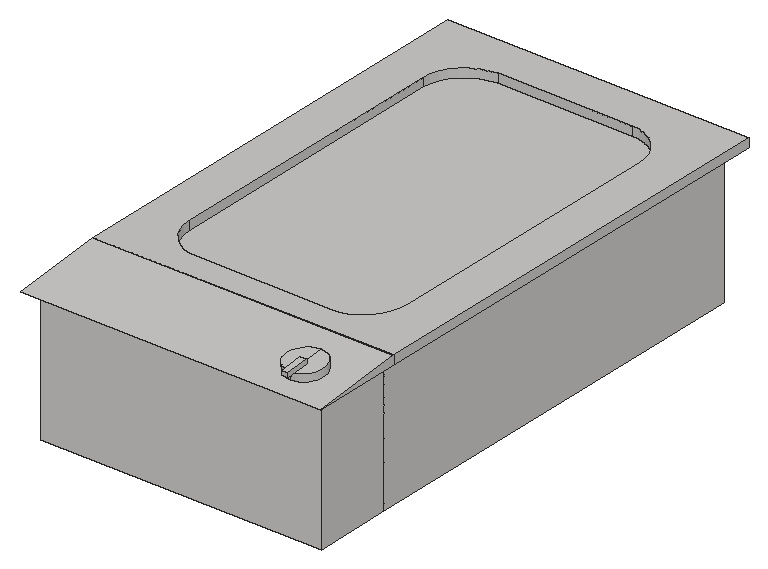
Revit family "VP230620", category Generic Models, Revit 2014
Parameters (values of type "VP230620")
  Width = 288 mm
  URL = "http://www.gaggenau.com."
  Model = "VP230620"
  Manufacturer = "Gaggenau"
  Height = 137 mm
  Unit = Metal Panel
  Description = "Gaggenau Vario 200 Series Teppan Yaki"
  Depth = 512 mm
  Burner = Black
Reference planes
  plane 1 "Center (Front/Back)": y = 0
  plane 2: z = 0
  plane 3 "Center (Left/Right)": x = 0
  plane 4: x = -144
  plane 5: x = 144
  plane 6: y = 256
  plane 7: y = -256
  plane 8: z = 137
  plane 9: z = 128.5
Forms (mm)
  Extrusion 1, solid, material "Metal Panel" <- "Unit"
    sketch origin (0, 0, 0) x (1, 0, 0) y (0, 1, 0)
      loop
        line (-144, 256) -> (-144, -168.935) -> (144, -168.935) -> (144, 256) -> (-144, 256)
      loop
        arc (-104, -103.788) -> (-92.284, -132.072) -> (-64, -143.788) r 40
        line (-64, -143.788) -> (64, -143.788)
        arc (64, -143.788) -> (92.284, -132.072) -> (104, -103.788) r 40
        line (104, -103.788) -> (104, 176)
        arc (104, 176) -> (92.284, 204.284) -> (64, 216) r 40
        line (64, 216) -> (-64, 216)
        arc (-64, 216) -> (-92.284, 204.284) -> (-104, 176) r 40
        line (-104, 176) -> (-104, -103.788)
    from 128.5 to 137
  Extrusion 2, solid, material "Metal Panel" <- "Unit"
    sketch origin (0, 0, 0) x (0, 1, 0) y (0, 0, 1)
      loop
        line (-168.935, 137) -> (-256, 128.5) -> (-168.935, 128.5) -> (-168.935, 137)
    from -144 to 144
  Extrusion 3, solid, material "Metal Panel" <- "Unit"
    sketch origin (0, 0, 0) x (0, 1, 0) y (0, 0, 1)
      loop
        line (-168.935, 0) -> (-168.935, 128.5) -> (-244.036, 128.5) -> (-244.036, 0) -> (-168.935, 0)
    from -133.509 to 134.942
  Revolve 4, solid, material "Metal Panel" <- "Unit"
    sketch origin (100, 8.611, 18.146) x (0, 0.994972, 0.100156) y (0, -0.100156, 0.994972)
      loop
        line (-196.812, 136.245) -> (-196.812, 143.418) -> (-215.138, 143.418) -> (-215.138, 136.245) -> (-196.812, 136.245)
      axis (-215.138, 136.245) -> (-215.138, 143.418)
    angle from 0 to 360
  Extrusion 5, solid, material "Metal Panel" <- "Unit"
    sketch origin (97.5, 8.611, 18.146) x (0, 0.994972, 0.100156) y (0, -0.100156, 0.994972)
      loop
        line (-217.428, 143.418) -> (-217.428, 147.637) -> (-240.007, 147.637) -> (-240.007, 143.418) -> (-217.428, 143.418)
    from 0 to 5.773
  Extrusion 6, solid, material "Metal Panel" <- "Unit"
    sketch origin (0, 0, 0) x (0, 1, 0) y (0, 0, 1)
      loop
        line (-168.935, 128.5) -> (-168.935, 0) -> (238.418, 0) -> (238.418, 128.5) -> (-168.935, 128.5)
    from -133.509 to 134.942
Dimensions and locks
  equal spacing: plane 4, plane 3 "Center (Left/Right)", plane 5
  equal spacing: plane 6, plane 1 "Center (Front/Back)", plane 7
  "Width": plane 4 to plane 5
  "Depth": plane 6 to plane 7
  "Height": plane 8 to plane 2
  plane 8 to plane 9 = 8.5 mm
  plane 9 to level = 128.5 mm
  aligned and locked: level to plane 2
Automatic sketch dimensions
  Extrusion 2 sketch curve to plane 7 = 0 mm
  Extrusion 2 sketch curve to plane 9 = 0 mm
  Extrusion 2 sketch curve to plane 8 = 0 mm
  Extrusion 2 sketch curve to plane 7 = 87.065 mm
  Extrusion 3 sketch curve to level = 0 mm
  Extrusion 3 sketch curve to plane 7 = 11.964 mm
  Extrusion 3 sketch curve to plane 9 = 0 mm
  Extrusion 3 sketch curve to plane 7 = 87.065 mm
  plane 9 to Revolve 4 sketch curve = 3.659 mm
  Revolve 4 sketch curve to plane 7 = 36.91 mm
  Revolve 4 sketch curve to Revolve 4 sketch curve = 18.325 mm
  Revolve 4 sketch curve to Revolve 4 sketch curve = 7.172 mm
  Revolve 4 sketch curve to Revolve 4 sketch curve = 0 mm  (x2)
  Revolve 4 sketch curve to Revolve 4 sketch curve = 2.893 mm
  Extrusion 5 sketch curve to plane 8 = 0.196 mm
  Extrusion 5 sketch curve to plane 7 = 11.447 mm
  Extrusion 5 sketch curve to Extrusion 5 sketch curve = 22.579 mm
  Extrusion 5 sketch curve to Extrusion 5 sketch curve = 4.22 mm
  Extrusion 6 sketch curve to level = 0 mm
  Extrusion 6 sketch curve to plane 9 = 0 mm
  Extrusion 6 sketch curve to plane 7 = 87.065 mm
  Extrusion 6 sketch curve to plane 6 = 17.582 mm
  Extrusion 1 sketch curve to plane 4 = 0 mm
  Extrusion 1 sketch curve to plane 5 = 0 mm
  Extrusion 1 sketch curve to plane 6 = 0 mm
  plane 4 to Extrusion 1 sketch curve = 40 mm
  Extrusion 1 sketch curve to Extrusion 1 sketch curve = 40 mm  (x3)
  plane 3 "Center (Left/Right)" to Extrusion 1 sketch curve = 64 mm  (x2)
  Extrusion 1 sketch curve to plane 6 = 40 mm
  plane 1 "Center (Front/Back)" to Extrusion 1 sketch curve = 103.788 mm
  Extrusion 1 sketch curve to plane 7 = 87.065 mm
